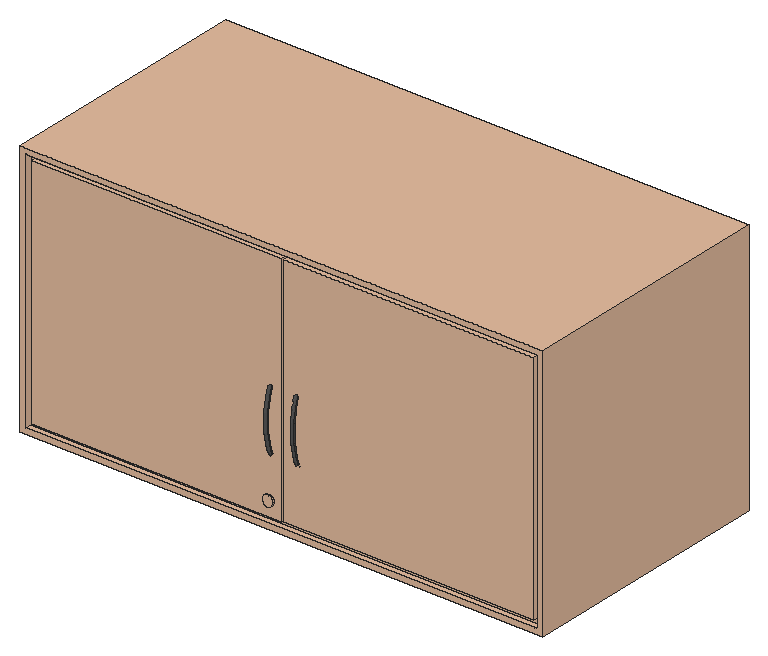
Revit family "Furniture_Shelving&Storage_Sjobergs_Cabinet_3", category Furniture, Revit 2017
Family settings
  OmniClass Number = 23.40.20.27.21
  OmniClass Title = Mobile Storage Units
  Work Plane-Based = No
  Always vertical = Yes
  Cut with Voids When Loaded = No
  Shared = No
  Room Calculation Point = No
Parameters (values of type "33041 Sjobergs Complete Cabinet 3")
  WarrantyStartDate [instance] = "n/a"
  WarrantyGuarantorParts = "n/a"
  WarrantyGuarantorLabor = "n/a"
  WarrantyDurationUnit = "n/a"
  WarrantyDurationParts = "n/a"
  WarrantyDurationLabor = "n/a"
  WarrantyDescription = "n/a"
  VersionDate = "30/06/2020"  # constant formula
  Version = "1"  # constant formula
  Uniclass2015Reference = "Pr_40_30_78_25"
  Uniclass2015Description = "Storage units"
  Uniclass2 = "Pr_40_30_78_24"
  URL = "https://www.sjobergs.se/sortiment/forvaring/58.php?id=1170&pid=1169&artnr=33041&cat=11&lang=se"
  Type Comments = ""
  TagNumber [instance] = "n//a"
  SustainabilityPerformance = "n/a"
  Style = "n/a"
  Size = "1000x500x490 mm"
  Shape = "Sculptured"
  SerialNumber [instance] = "n/a"
  Revision = "n/a"
  ReplacementCost = "n/a"
  ProductInformation = "A sturdy cabinet for student work. Frame and interior in 18 mm birch plywood that provides both stability"
  ProductDatasheet = "https://www.sjobergs.se/dbhires/Produktblad_skap3_33041.pdf"
  NominalWidth = 1000 mm
  NominalHeight = 490 mm
  NominalDepth = 500 mm
  Name = "Sjobergs_Cabinet_3"
  NBSReference = "45-35-47/415"
  NBSDescription = "Cabinets"
  ModelReference = "n/a"
  ModelNumber = "33041"
  Material = "Wood"
  ManufacturerName = "Sjobergs"
  ManufacterURL = "https://www.sjobergs.se/en/"
  MainColor = "Wooden"
  InstallationDate [instance] = "n/a"
  EANNumber = ""
  DrawerSecondaryMaterial [instance] = Black Metal
  DrawerMainMaterial [instance] = Beech
  Description = "A sturdy cabinet for student work. Frame and interior in 18 mm birch plywood that provides both stability"
  Model = "33041 Sjobergs Complete Cabinet 3"
  Manufacturer = "Sjobergs"
  IfcExportType = "DRAWER"  # constant formula
  IfcExportAs = "IfcFurnitureType"  # constant formula
  Grade = "n/a"
  Finish = "Birch plywood 18 mm, doors in birch laminate"
  Features = "A sturdy cabinet for student work. Frame and interior in 18 mm birch plywood that provides both stability"
  ExpectedLife = "n/a"
  DurationUnit = "n/a"
  Cost = 0
  ConvergoRefNr = "0184-2005-0013-SE"
  Constituents = "n/a"
  Color = "Wooden"
  Collection = "Cabinet"
  CodePerformance = "n/a"
  Category = "Cabinets"
  Brand = "Sjobergs"
  Barcode [instance] = "n/a"
  BIMObjectName = "Furniture_Shelving&Storage_Sjobergs_Cabinet_3"
  Author = "Convergo AB"  # constant formula
  AssetType = "Movable"
  AssetIdentifier [instance] = "n/a"
  AccessibilityPerformance = "n/a"
Reference planes
  plane 1 "Center (Front/Back)": y = 0
  plane 2: z = 0
  plane 3 "Center (Left/Right)": x = 0
  plane 4: y = 250
  plane 5: y = -250
  plane 6: x = -500
  plane 7: x = 500
  plane 8: z = 490
Dimensions and locks
  equal spacing: plane 6, plane 3 "Center (Left/Right)", plane 7
  "NominalWidth": plane 6 to plane 7
  equal spacing: plane 5, plane 1 "Center (Front/Back)", plane 4
  "NominalDepth": plane 5 to plane 4
  "NominalHeight": plane 8 to plane 2
  aligned and locked: level to plane 2
Nested families
  nested 1: "Cabinet 3" at (0, 4.999, 0), Material 1 <- "DrawerMainMaterial", Material 2 <- "DrawerSecondaryMaterial", type "Cabinet 3"
    with Material 2 Black Metal, Material 1 Beech
Definition of nested family "Cabinet 3"
  Parameters (values of type "Cabinet 3")
    Material 2 [instance] = none
    Material 1 [instance] = none
  Reference planes
    plane 1 "Center (Front/Back)": y = -4.999
    plane 2: z = 0
    plane 3 "Center (Left/Right)": x = 0
    plane 4: x = -500
    plane 5: x = 500
    plane 6: y = 245
    plane 7: z = 490
    plane 8: y = -254.997
  Forms (mm)
    Extrusion 1, solid, material <- "Material 1", detail levels medium+fine
      sketch origin (0, 0, 0) x (1, 0, 0) y (0, 1, 0)
        loop
          line (-500, 245) -> (-500, -245) -> (500, -245) -> (500, 245) -> (-500, 245)
      from 0 to 490
    Extrusion 2, solid, material <- "Material 1", detail levels medium+fine
      sketch origin (-1642.013, -533.727, -824.87) x (1, 0, 0) y (0, 0, 1)
        loop
          line (1162.013, 1294.87) -> (1162.013, 844.87) -> (1640.013, 844.87) -> (1640.013, 1294.87) -> (1162.013, 1294.87)
        loop
          line (1644.013, 844.87) -> (2122.013, 844.87) -> (2122.013, 1294.87) -> (1644.013, 1294.87) -> (1644.013, 844.87)
      from -300.914 to -291.217
    Extrusion 3, void
      sketch origin (0, 0, 0) x (1, 0, 0) y (0, 0, 1)
        loop
          line (-490, 480) -> (-490, 10) -> (490, 10) -> (490, 480) -> (-490, 480)
      from 232.812 to 245
    Extrusion 4, solid, material <- "Material 1", detail levels medium+fine
      sketch origin (16.677, 0, -8.026) x (1, 0, 0) y (0, 0, 1)
        loop
          circle (-43.677, 55.776) r 10
      from 242.51 to 245
    Extrusion 5, solid, material <- "Material 1", detail levels coarse
      sketch origin (0, 0, 0) x (1, 0, 0) y (0, 1, 0)
        loop
          line (-500, 245) -> (-500, -254.997) -> (500, -254.997) -> (500, 245) -> (-500, 245)
      from 0 to 490
    Sweep 6, solid, material <- "Material 2", detail levels medium+fine
      path origin (0, -10, -1592.431) x (0, 1, 0) y (0, 0, 1)
        loop
          arc (-220.361, 1859.758) -> (-242, 1779) -> (-220.361, 1698.242) r 161.516
      profile origin (0, -252, 186.569) x (1, 0, 0) y (0, 1, 0)
        loop
          circle (-25, 0) r 3
        loop
          circle (25, 0) r 3
  Cuts and joins
    Extrusion 3 cuts Extrusion 1
  Lines and regions (mm)
    symbolic lines, detail levels medium+fine
      curve 1: line (0, 245, 490) -> (0, -245, 490)
      curve 2: line (0, 245, 0) -> (0, 245, 490)
      curve 3: line (0, -245, 0) -> (0, 245, 0)
      curve 4: line (0, -245, 490) -> (0, -245, 242.687)
      curve 5: line (-500, -4.999, 490) -> (500, -4.999, 490)
      curve 6: line (-500, -4.999, 0) -> (-500, -4.999, 490)
      curve 7: line (500, -4.999, 0) -> (-500, -4.999, 0)
      curve 8: line (500, -4.999, 490) -> (500, -4.999, 0)
      curve 23: line (-500, 245, 0) -> (500, 245, 0)
      curve 24: line (-500, -245, 0) -> (-500, 245, 0)
      curve 25: line (500, -245, 0) -> (28, -245, 0)
      curve 26: line (500, 245, 0) -> (500, -245, 0)
      curve 28: arc (0, -245, 130.452) -> (0, -254.773, 186.569) -> (0, -245, 242.687) r 166
      curve 29: line (0, -245, 130.452) -> (0, -245, 0)
      curve 31: line (-28, -245, 0) -> (-28, -251.997, 0)
      curve 32: line (-22, -245, 0) -> (-22, -251.997, 0)
      curve 33: arc (-28, -251.997, 0) -> (-25, -254.997, 0) -> (-22, -251.997, 0) r 3
      curve 34: line (-28, -245, 0) -> (-500, -245, 0)
      curve 36: line (28, -245, 0) -> (28, -251.997, 0)
      curve 37: line (22, -245, 0) -> (22, -251.997, 0)
      curve 38: arc (28, -251.997, 0) -> (25, -254.997, 0) -> (22, -251.997, 0) r 3
      curve 40: line (22, -245, 0) -> (-22, -245, 0)
    symbolic lines, detail levels fine
      curve 9: line (490, -4.999, 10) -> (-490, -4.999, 10)
      curve 10: line (490, -4.999, 480) -> (490, -4.999, 10)
      curve 11: line (-490, -4.999, 480) -> (490, -4.999, 480)
      curve 12: line (-490, -4.999, 10) -> (-490, -4.999, 480)
      curve 13: line (-480, -4.999, 470) -> (-2, -4.999, 470)
      curve 14: line (-2, -4.999, 470) -> (-2, -4.999, 20)
      curve 15: line (-2, -4.999, 20) -> (-480, -4.999, 20)
      curve 16: line (-480, -4.999, 20) -> (-480, -4.999, 470)
      curve 17: line (2, -4.999, 470) -> (2, -4.999, 20)
      curve 18: line (2, -4.999, 20) -> (480, -4.999, 20)
      curve 19: line (480, -4.999, 20) -> (480, -4.999, 470)
      curve 20: line (480, -4.999, 470) -> (2, -4.999, 470)
      curve 21: arc (-37, -4.999, 47.75) -> (-27, -4.999, 37.75) -> (-17, -4.999, 47.75) r 10
      curve 22: arc (-17, -4.999, 47.75) -> (-27, -4.999, 57.75) -> (-37, -4.999, 47.75) r 10
      curve 27: arc (0, -245, 152.027) -> (0, -248.773, 186.569) -> (0, -245, 221.111) r 160
      curve 30: line (0, -245, 242.687) -> (0, -245, 130.452)
      curve 35: line (-22, -245, 0) -> (-28, -245, 0)
      curve 39: line (22, -245, 0) -> (28, -245, 0)
      curve 41: line (-28, -4.999, 267.327) -> (-28, -4.999, 105.811)
      curve 42: line (-22, -4.999, 105.811) -> (-22, -4.999, 267.327)
      curve 43: arc (-22, -4.999, 267.327) -> (-25, -4.999, 270.327) -> (-28, -4.999, 267.327) r 3
      curve 44: arc (-28, -4.999, 105.811) -> (-25, -4.999, 102.811) -> (-22, -4.999, 105.811) r 3
      curve 45: line (28, -4.999, 267.327) -> (28, -4.999, 105.811)
      curve 46: line (22, -4.999, 105.811) -> (22, -4.999, 267.327)
      curve 47: arc (22, -4.999, 267.327) -> (25, -4.999, 270.327) -> (28, -4.999, 267.327) r 3
      curve 48: arc (28, -4.999, 105.811) -> (25, -4.999, 102.811) -> (22, -4.999, 105.811) r 3
  Dimensions and locks
    Extrusion 2 to plane 3 "Center (Left/Right)" to Extrusion 2 = 2 mm, 2 mm
    Extrusion 3 sketch curve to Extrusion 1 = 10 mm  (x3)
    Extrusion 1 to Extrusion 3 sketch curve = 10 mm
    aligned and locked: level to plane 2
